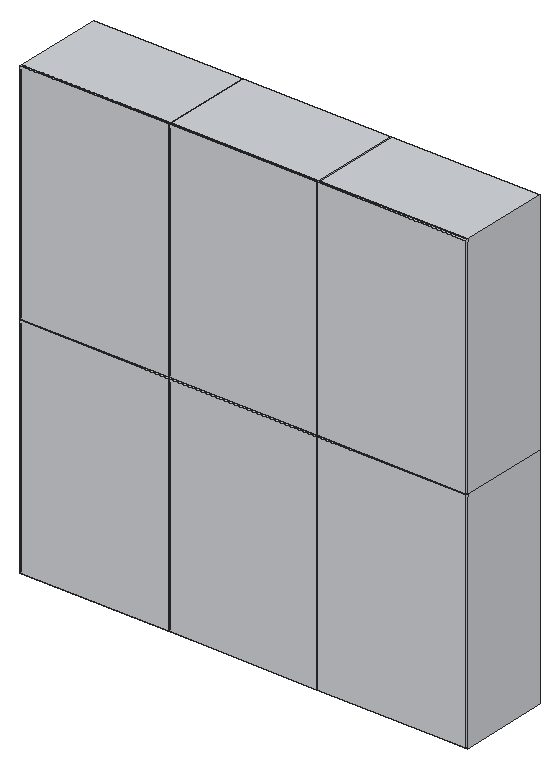
Revit family "LSN Configuration-E", category Electrical Equipment, host Face, Revit 2021 (continued)
Definition of nested family "LSN-1"
  Definition of nested family "Door"
    Lines and regions (in)
      model lines
        curve 473: line (-5.50396, -0.5, 41.43688) -> (-5.25396, -0.5, 41.43688)
        curve 474: line (-5.50396, -0.5, 38.43688) -> (-5.50396, -0.5, 41.43688)
        curve 475: line (-5.25396, -0.5, 38.43688) -> (-5.50396, -0.5, 38.43688)
        curve 476: line (-5.25396, -0.5, 41.43688) -> (-5.25396, -0.5, 38.43688)
        curve 477: line (-4.93764, -0.5, 41.43688) -> (-4.68764, -0.5, 41.43688)
        curve 478: line (-4.93764, -0.5, 38.43688) -> (-4.93764, -0.5, 41.43688)
        curve 479: line (-4.68764, -0.5, 38.43688) -> (-4.93764, -0.5, 38.43688)
        curve 480: line (-4.68764, -0.5, 41.43688) -> (-4.68764, -0.5, 38.43688)
        curve 481: line (-4.37131, -0.5, 41.43688) -> (-4.12131, -0.5, 41.43688)
        curve 482: line (-4.37131, -0.5, 38.43688) -> (-4.37131, -0.5, 41.43688)
        curve 483: line (-4.12131, -0.5, 38.43688) -> (-4.37131, -0.5, 38.43688)
        curve 484: line (-4.12131, -0.5, 41.43688) -> (-4.12131, -0.5, 38.43688)
        curve 485: line (-3.80498, -0.5, 41.43688) -> (-3.55498, -0.5, 41.43688)
        curve 486: line (-3.80498, -0.5, 38.43688) -> (-3.80498, -0.5, 41.43688)
        curve 487: line (-3.55498, -0.5, 38.43688) -> (-3.80498, -0.5, 38.43688)
        curve 488: line (-3.55498, -0.5, 41.43688) -> (-3.55498, -0.5, 38.43688)
        curve 489: line (-3.23866, -0.5, 41.43688) -> (-2.98866, -0.5, 41.43688)
        curve 490: line (-3.23866, -0.5, 38.43688) -> (-3.23866, -0.5, 41.43688)
        curve 491: line (-2.98866, -0.5, 38.43688) -> (-3.23866, -0.5, 38.43688)
        curve 492: line (-2.98866, -0.5, 41.43688) -> (-2.98866, -0.5, 38.43688)
        curve 493: line (-2.67233, -0.5, 41.43688) -> (-2.42233, -0.5, 41.43688)
        curve 494: line (-2.67233, -0.5, 38.43688) -> (-2.67233, -0.5, 41.43688)
        curve 495: line (-2.42233, -0.5, 38.43688) -> (-2.67233, -0.5, 38.43688)
        curve 496: line (-2.42233, -0.5, 41.43688) -> (-2.42233, -0.5, 38.43688)
        curve 497: line (-2.106, -0.5, 41.43688) -> (-1.856, -0.5, 41.43688)
        curve 498: line (-2.106, -0.5, 38.43688) -> (-2.106, -0.5, 41.43688)
        curve 499: line (-1.856, -0.5, 38.43688) -> (-2.106, -0.5, 38.43688)
        curve 500: line (-1.856, -0.5, 41.43688) -> (-1.856, -0.5, 38.43688)
        curve 501: line (-1.53968, -0.5, 41.43688) -> (-1.28968, -0.5, 41.43688)
        curve 502: line (-1.53968, -0.5, 38.43688) -> (-1.53968, -0.5, 41.43688)
        curve 503: line (-1.28968, -0.5, 38.43688) -> (-1.53968, -0.5, 38.43688)
        curve 504: line (-1.28968, -0.5, 41.43688) -> (-1.28968, -0.5, 38.43688)
        curve 505: line (-0.97335, -0.5, 41.43688) -> (-0.72335, -0.5, 41.43688)
        curve 506: line (-0.97335, -0.5, 38.43688) -> (-0.97335, -0.5, 41.43688)
        curve 507: line (-0.72335, -0.5, 38.43688) -> (-0.97335, -0.5, 38.43688)
        curve 508: line (-0.72335, -0.5, 41.43688) -> (-0.72335, -0.5, 38.43688)
        curve 509: line (-0.40702, -0.5, 41.43688) -> (-0.15702, -0.5, 41.43688)
        curve 510: line (-0.40702, -0.5, 38.43688) -> (-0.40702, -0.5, 41.43688)
        curve 511: line (-0.15702, -0.5, 38.43688) -> (-0.40702, -0.5, 38.43688)
        curve 512: line (-0.15702, -0.5, 41.43688) -> (-0.15702, -0.5, 38.43688)
        curve 513: line (0.1593, -0.5, 41.43688) -> (0.4093, -0.5, 41.43688)
        curve 514: line (0.1593, -0.5, 38.43688) -> (0.1593, -0.5, 41.43688)
        curve 515: line (0.4093, -0.5, 38.43688) -> (0.1593, -0.5, 38.43688)
        curve 516: line (0.4093, -0.5, 41.43688) -> (0.4093, -0.5, 38.43688)
        curve 517: line (0.72563, -0.5, 41.43688) -> (0.97563, -0.5, 41.43688)
        curve 518: line (0.72563, -0.5, 38.43688) -> (0.72563, -0.5, 41.43688)
        curve 519: line (0.97563, -0.5, 38.43688) -> (0.72563, -0.5, 38.43688)
        curve 520: line (0.97563, -0.5, 41.43688) -> (0.97563, -0.5, 38.43688)
        curve 521: line (1.29196, -0.5, 41.43688) -> (1.54196, -0.5, 41.43688)
        curve 522: line (1.29196, -0.5, 38.43688) -> (1.29196, -0.5, 41.43688)
        curve 523: line (1.54196, -0.5, 38.43688) -> (1.29196, -0.5, 38.43688)
        curve 524: line (1.54196, -0.5, 41.43688) -> (1.54196, -0.5, 38.43688)
        curve 525: line (1.85828, -0.5, 41.43688) -> (2.10828, -0.5, 41.43688)
        curve 526: line (1.85828, -0.5, 38.43688) -> (1.85828, -0.5, 41.43688)
        curve 527: line (2.10828, -0.5, 38.43688) -> (1.85828, -0.5, 38.43688)
        curve 528: line (2.10828, -0.5, 41.43688) -> (2.10828, -0.5, 38.43688)
        curve 529: line (2.42461, -0.5, 41.43688) -> (2.67461, -0.5, 41.43688)
        curve 530: line (2.42461, -0.5, 38.43688) -> (2.42461, -0.5, 41.43688)
        curve 531: line (2.67461, -0.5, 38.43688) -> (2.42461, -0.5, 38.43688)
        curve 532: line (2.67461, -0.5, 41.43688) -> (2.67461, -0.5, 38.43688)
        curve 533: line (2.99094, -0.5, 41.43688) -> (3.24094, -0.5, 41.43688)
        curve 534: line (2.99094, -0.5, 38.43688) -> (2.99094, -0.5, 41.43688)
        curve 535: line (3.24094, -0.5, 38.43688) -> (2.99094, -0.5, 38.43688)
        curve 536: line (3.24094, -0.5, 41.43688) -> (3.24094, -0.5, 38.43688)
        curve 537: line (3.55726, -0.5, 41.43688) -> (3.80726, -0.5, 41.43688)
        curve 538: line (3.55726, -0.5, 38.43688) -> (3.55726, -0.5, 41.43688)
        curve 539: line (3.80726, -0.5, 38.43688) -> (3.55726, -0.5, 38.43688)
        curve 540: line (3.80726, -0.5, 41.43688) -> (3.80726, -0.5, 38.43688)
        curve 541: line (4.12359, -0.5, 41.43688) -> (4.37359, -0.5, 41.43688)
        curve 542: line (4.12359, -0.5, 38.43688) -> (4.12359, -0.5, 41.43688)
        curve 543: line (4.37359, -0.5, 38.43688) -> (4.12359, -0.5, 38.43688)
        curve 544: line (4.37359, -0.5, 41.43688) -> (4.37359, -0.5, 38.43688)
        curve 545: line (4.68992, -0.5, 41.43688) -> (4.93992, -0.5, 41.43688)
        curve 546: line (4.68992, -0.5, 38.43688) -> (4.68992, -0.5, 41.43688)
        curve 547: line (4.93992, -0.5, 38.43688) -> (4.68992, -0.5, 38.43688)
        curve 548: line (4.93992, -0.5, 41.43688) -> (4.93992, -0.5, 38.43688)
        curve 549: line (5.25624, -0.5, 41.43688) -> (5.50624, -0.5, 41.43688)
        curve 550: line (5.25624, -0.5, 38.43688) -> (5.25624, -0.5, 41.43688)
        curve 551: line (5.50624, -0.5, 38.43688) -> (5.25624, -0.5, 38.43688)
        curve 552: line (5.50624, -0.5, 41.43688) -> (5.50624, -0.5, 38.43688)
        curve 553: line (5.82257, -0.5, 41.43688) -> (6.07257, -0.5, 41.43688)
        curve 554: line (5.82257, -0.5, 38.43688) -> (5.82257, -0.5, 41.43688)
        curve 555: line (6.07257, -0.5, 38.43688) -> (5.82257, -0.5, 38.43688)
        curve 556: line (6.07257, -0.5, 41.43688) -> (6.07257, -0.5, 38.43688)
        curve 557: line (6.3889, -0.5, 41.43688) -> (6.6389, -0.5, 41.43688)
        curve 558: line (6.3889, -0.5, 38.43688) -> (6.3889, -0.5, 41.43688)
        curve 559: line (6.6389, -0.5, 38.43688) -> (6.3889, -0.5, 38.43688)
        curve 560: line (6.6389, -0.5, 41.43688) -> (6.6389, -0.5, 38.43688)
        curve 561: line (6.95522, -0.5, 41.43688) -> (7.20522, -0.5, 41.43688)
        curve 562: line (6.95522, -0.5, 38.43688) -> (6.95522, -0.5, 41.43688)
        curve 563: line (7.20522, -0.5, 38.43688) -> (6.95522, -0.5, 38.43688)
        curve 564: line (7.20522, -0.5, 41.43688) -> (7.20522, -0.5, 38.43688)
        curve 565: line (7.52155, -0.5, 41.43688) -> (7.77155, -0.5, 41.43688)
        curve 566: line (7.52155, -0.5, 38.43688) -> (7.52155, -0.5, 41.43688)
        curve 567: line (7.77155, -0.5, 38.43688) -> (7.52155, -0.5, 38.43688)
        curve 568: line (7.77155, -0.5, 41.43688) -> (7.77155, -0.5, 38.43688)
        curve 569: line (8.08788, -0.5, 41.43688) -> (8.33788, -0.5, 41.43688)
        curve 570: line (8.08788, -0.5, 38.43688) -> (8.08788, -0.5, 41.43688)
        curve 571: line (8.33788, -0.5, 38.43688) -> (8.08788, -0.5, 38.43688)
        curve 572: line (8.33788, -0.5, 41.43688) -> (8.33788, -0.5, 38.43688)
        curve 573: line (8.6542, -0.5, 41.43688) -> (8.9042, -0.5, 41.43688)
        curve 574: line (8.6542, -0.5, 38.43688) -> (8.6542, -0.5, 41.43688)
        curve 575: line (8.9042, -0.5, 38.43688) -> (8.6542, -0.5, 38.43688)
        curve 576: line (8.9042, -0.5, 41.43688) -> (8.9042, -0.5, 38.43688)
        curve 577: line (9.22053, -0.5, 41.43688) -> (9.47053, -0.5, 41.43688)
        curve 578: line (9.22053, -0.5, 38.43688) -> (9.22053, -0.5, 41.43688)
        curve 579: line (9.47053, -0.5, 38.43688) -> (9.22053, -0.5, 38.43688)
        curve 580: line (9.47053, -0.5, 41.43688) -> (9.47053, -0.5, 38.43688)
        curve 581: line (9.78685, -0.5, 41.43688) -> (10.03685, -0.5, 41.43688)
        curve 582: line (9.78685, -0.5, 38.43688) -> (9.78685, -0.5, 41.43688)
        curve 583: line (10.03685, -0.5, 38.43688) -> (9.78685, -0.5, 38.43688)
        curve 584: line (10.03685, -0.5, 41.43688) -> (10.03685, -0.5, 38.43688)
        curve 585: line (10.35318, -0.5, 41.43688) -> (10.60318, -0.5, 41.43688)
        curve 586: line (10.35318, -0.5, 38.43688) -> (10.35318, -0.5, 41.43688)
        curve 587: line (10.60318, -0.5, 38.43688) -> (10.35318, -0.5, 38.43688)
        curve 588: line (10.60318, -0.5, 41.43688) -> (10.60318, -0.5, 38.43688)
        curve 589: line (10.91951, -0.5, 41.43688) -> (11.16951, -0.5, 41.43688)
        curve 590: line (10.91951, -0.5, 38.43688) -> (10.91951, -0.5, 41.43688)
        curve 591: line (11.16951, -0.5, 38.43688) -> (10.91951, -0.5, 38.43688)
        curve 592: line (11.16951, -0.5, 41.43688) -> (11.16951, -0.5, 38.43688)
        curve 593: line (11.48583, -0.5, 41.43688) -> (11.73583, -0.5, 41.43688)
        curve 594: line (11.48583, -0.5, 38.43688) -> (11.48583, -0.5, 41.43688)
        curve 595: line (11.73583, -0.5, 38.43688) -> (11.48583, -0.5, 38.43688)
        curve 596: line (11.73583, -0.5, 41.43688) -> (11.73583, -0.5, 38.43688)
        curve 597: line (12.05216, -0.5, 41.43688) -> (12.30216, -0.5, 41.43688)
        curve 598: line (12.05216, -0.5, 38.43688) -> (12.05216, -0.5, 41.43688)
        curve 599: line (12.30216, -0.5, 38.43688) -> (12.05216, -0.5, 38.43688)
        curve 600: line (12.30216, -0.5, 41.43688) -> (12.30216, -0.5, 38.43688)
        curve 601: line (12.61849, -0.5, 41.43688) -> (12.86849, -0.5, 41.43688)
        curve 602: line (12.61849, -0.5, 38.43688) -> (12.61849, -0.5, 41.43688)
        curve 603: line (12.86849, -0.5, 38.43688) -> (12.61849, -0.5, 38.43688)
        curve 604: line (12.86849, -0.5, 41.43688) -> (12.86849, -0.5, 38.43688)
        curve 605: line (13.18481, -0.5, 41.43688) -> (13.43481, -0.5, 41.43688)
        curve 606: line (13.18481, -0.5, 38.43688) -> (13.18481, -0.5, 41.43688)
        curve 607: line (13.43481, -0.5, 38.43688) -> (13.18481, -0.5, 38.43688)
        curve 608: line (13.43481, -0.5, 41.43688) -> (13.43481, -0.5, 38.43688)
        curve 609: line (-13.99886, -0.5, 44.81188) -> (-13.74886, -0.5, 44.81188)
        curve 610: line (-13.99886, -0.5, 41.81188) -> (-13.99886, -0.5, 44.81188)
        curve 611: line (-13.74886, -0.5, 41.81188) -> (-13.99886, -0.5, 41.81188)
        curve 612: line (-13.74886, -0.5, 44.81188) -> (-13.74886, -0.5, 41.81188)
        curve 613: line (13.75114, -0.5, 44.81188) -> (14.00114, -0.5, 44.81188)
        curve 614: line (13.75114, -0.5, 41.81188) -> (13.75114, -0.5, 44.81188)
        curve 615: line (14.00114, -0.5, 41.81188) -> (13.75114, -0.5, 41.81188)
        curve 616: line (14.00114, -0.5, 44.81188) -> (14.00114, -0.5, 41.81188)
        curve 617: line (-13.43253, -0.5, 44.81188) -> (-13.18253, -0.5, 44.81188)
        curve 618: line (-13.43253, -0.5, 41.81188) -> (-13.43253, -0.5, 44.81188)
        curve 619: line (-13.18253, -0.5, 41.81188) -> (-13.43253, -0.5, 41.81188)
        curve 620: line (-13.18253, -0.5, 44.81188) -> (-13.18253, -0.5, 41.81188)
        curve 621: line (-12.86621, -0.5, 44.81188) -> (-12.61621, -0.5, 44.81188)
        curve 622: line (-12.86621, -0.5, 41.81188) -> (-12.86621, -0.5, 44.81188)
        curve 623: line (-12.61621, -0.5, 41.81188) -> (-12.86621, -0.5, 41.81188)
        curve 624: line (-12.61621, -0.5, 44.81188) -> (-12.61621, -0.5, 41.81188)
        curve 625: line (-12.29988, -0.5, 44.81188) -> (-12.04988, -0.5, 44.81188)
        curve 626: line (-12.29988, -0.5, 41.81188) -> (-12.29988, -0.5, 44.81188)
        curve 627: line (-12.04988, -0.5, 41.81188) -> (-12.29988, -0.5, 41.81188)
        curve 628: line (-12.04988, -0.5, 44.81188) -> (-12.04988, -0.5, 41.81188)
        curve 629: line (-11.73355, -0.5, 44.81188) -> (-11.48355, -0.5, 44.81188)
        curve 630: line (-11.73355, -0.5, 41.81188) -> (-11.73355, -0.5, 44.81188)
        curve 631: line (-11.48355, -0.5, 41.81188) -> (-11.73355, -0.5, 41.81188)
        curve 632: line (-11.48355, -0.5, 44.81188) -> (-11.48355, -0.5, 41.81188)
        curve 633: line (-11.16723, -0.5, 44.81188) -> (-10.91723, -0.5, 44.81188)
        curve 634: line (-11.16723, -0.5, 41.81188) -> (-11.16723, -0.5, 44.81188)
        curve 635: line (-10.91723, -0.5, 41.81188) -> (-11.16723, -0.5, 41.81188)
        curve 636: line (-10.91723, -0.5, 44.81188) -> (-10.91723, -0.5, 41.81188)
        curve 637: line (-10.6009, -0.5, 44.81188) -> (-10.3509, -0.5, 44.81188)
        curve 638: line (-10.6009, -0.5, 41.81188) -> (-10.6009, -0.5, 44.81188)
        curve 639: line (-10.3509, -0.5, 41.81188) -> (-10.6009, -0.5, 41.81188)
        curve 640: line (-10.3509, -0.5, 44.81188) -> (-10.3509, -0.5, 41.81188)
        curve 641: line (-10.03457, -0.5, 44.81188) -> (-9.78457, -0.5, 44.81188)
        curve 642: line (-10.03457, -0.5, 41.81188) -> (-10.03457, -0.5, 44.81188)
        curve 643: line (-9.78457, -0.5, 41.81188) -> (-10.03457, -0.5, 41.81188)
        curve 644: line (-9.78457, -0.5, 44.81188) -> (-9.78457, -0.5, 41.81188)
        curve 645: line (-9.46825, -0.5, 44.81188) -> (-9.21825, -0.5, 44.81188)
        curve 646: line (-9.46825, -0.5, 41.81188) -> (-9.46825, -0.5, 44.81188)
        curve 647: line (-9.21825, -0.5, 41.81188) -> (-9.46825, -0.5, 41.81188)
        curve 648: line (-9.21825, -0.5, 44.81188) -> (-9.21825, -0.5, 41.81188)
        curve 649: line (-8.90192, -0.5, 44.81188) -> (-8.65192, -0.5, 44.81188)
        curve 650: line (-8.90192, -0.5, 41.81188) -> (-8.90192, -0.5, 44.81188)
        curve 651: line (-8.65192, -0.5, 41.81188) -> (-8.90192, -0.5, 41.81188)
        curve 652: line (-8.65192, -0.5, 44.81188) -> (-8.65192, -0.5, 41.81188)
        curve 653: line (-8.33559, -0.5, 44.81188) -> (-8.08559, -0.5, 44.81188)
        curve 654: line (-8.33559, -0.5, 41.81188) -> (-8.33559, -0.5, 44.81188)
        curve 655: line (-8.08559, -0.5, 41.81188) -> (-8.33559, -0.5, 41.81188)
        curve 656: line (-8.08559, -0.5, 44.81188) -> (-8.08559, -0.5, 41.81188)
        curve 657: line (-7.76927, -0.5, 44.81188) -> (-7.51927, -0.5, 44.81188)
        curve 658: line (-7.76927, -0.5, 41.81188) -> (-7.76927, -0.5, 44.81188)
        curve 659: line (-7.51927, -0.5, 41.81188) -> (-7.76927, -0.5, 41.81188)
        curve 660: line (-7.51927, -0.5, 44.81188) -> (-7.51927, -0.5, 41.81188)
        curve 661: line (-7.20294, -0.5, 44.81188) -> (-6.95294, -0.5, 44.81188)
        curve 662: line (-7.20294, -0.5, 41.81188) -> (-7.20294, -0.5, 44.81188)
        curve 663: line (-6.95294, -0.5, 41.81188) -> (-7.20294, -0.5, 41.81188)
        curve 664: line (-6.95294, -0.5, 44.81188) -> (-6.95294, -0.5, 41.81188)
        curve 665: line (-6.63661, -0.5, 44.81188) -> (-6.38661, -0.5, 44.81188)
        curve 666: line (-6.63661, -0.5, 41.81188) -> (-6.63661, -0.5, 44.81188)
        curve 667: line (-6.38661, -0.5, 41.81188) -> (-6.63661, -0.5, 41.81188)
        curve 668: line (-6.38661, -0.5, 44.81188) -> (-6.38661, -0.5, 41.81188)
        curve 669: line (-6.07029, -0.5, 44.81188) -> (-5.82029, -0.5, 44.81188)
        curve 670: line (-6.07029, -0.5, 41.81188) -> (-6.07029, -0.5, 44.81188)
        curve 671: line (-5.82029, -0.5, 41.81188) -> (-6.07029, -0.5, 41.81188)
        curve 672: line (-5.82029, -0.5, 44.81188) -> (-5.82029, -0.5, 41.81188)
        curve 673: line (-5.50396, -0.5, 44.81188) -> (-5.25396, -0.5, 44.81188)
        curve 674: line (-5.50396, -0.5, 41.81188) -> (-5.50396, -0.5, 44.81188)
        curve 675: line (-5.25396, -0.5, 41.81188) -> (-5.50396, -0.5, 41.81188)
        curve 676: line (-5.25396, -0.5, 44.81188) -> (-5.25396, -0.5, 41.81188)
        curve 677: line (-4.93764, -0.5, 44.81188) -> (-4.68764, -0.5, 44.81188)
        curve 678: line (-4.93764, -0.5, 41.81188) -> (-4.93764, -0.5, 44.81188)
        curve 679: line (-4.68764, -0.5, 41.81188) -> (-4.93764, -0.5, 41.81188)
        curve 680: line (-4.68764, -0.5, 44.81188) -> (-4.68764, -0.5, 41.81188)
        curve 681: line (-4.37131, -0.5, 44.81188) -> (-4.12131, -0.5, 44.81188)
        curve 682: line (-4.37131, -0.5, 41.81188) -> (-4.37131, -0.5, 44.81188)
        curve 683: line (-4.12131, -0.5, 41.81188) -> (-4.37131, -0.5, 41.81188)
        curve 684: line (-4.12131, -0.5, 44.81188) -> (-4.12131, -0.5, 41.81188)
        curve 685: line (-3.80498, -0.5, 44.81188) -> (-3.55498, -0.5, 44.81188)
        curve 686: line (-3.80498, -0.5, 41.81188) -> (-3.80498, -0.5, 44.81188)
        curve 687: line (-3.55498, -0.5, 41.81188) -> (-3.80498, -0.5, 41.81188)
        curve 688: line (-3.55498, -0.5, 44.81188) -> (-3.55498, -0.5, 41.81188)
        curve 689: line (-3.23866, -0.5, 44.81188) -> (-2.98866, -0.5, 44.81188)
        curve 690: line (-3.23866, -0.5, 41.81188) -> (-3.23866, -0.5, 44.81188)
        curve 691: line (-2.98866, -0.5, 41.81188) -> (-3.23866, -0.5, 41.81188)
        curve 692: line (-2.98866, -0.5, 44.81188) -> (-2.98866, -0.5, 41.81188)
        curve 693: line (-2.67233, -0.5, 44.81188) -> (-2.42233, -0.5, 44.81188)
        curve 694: line (-2.67233, -0.5, 41.81188) -> (-2.67233, -0.5, 44.81188)
        curve 695: line (-2.42233, -0.5, 41.81188) -> (-2.67233, -0.5, 41.81188)
        curve 696: line (-2.42233, -0.5, 44.81188) -> (-2.42233, -0.5, 41.81188)
        curve 697: line (-2.106, -0.5, 44.81188) -> (-1.856, -0.5, 44.81188)
        curve 698: line (-2.106, -0.5, 41.81188) -> (-2.106, -0.5, 44.81188)
        curve 699: line (-1.856, -0.5, 41.81188) -> (-2.106, -0.5, 41.81188)
        curve 700: line (-1.856, -0.5, 44.81188) -> (-1.856, -0.5, 41.81188)
        curve 701: line (-1.53968, -0.5, 44.81188) -> (-1.28968, -0.5, 44.81188)
        curve 702: line (-1.53968, -0.5, 41.81188) -> (-1.53968, -0.5, 44.81188)
        curve 703: line (-1.28968, -0.5, 41.81188) -> (-1.53968, -0.5, 41.81188)
        curve 704: line (-1.28968, -0.5, 44.81188) -> (-1.28968, -0.5, 41.81188)
        curve 705: line (-0.97335, -0.5, 44.81188) -> (-0.72335, -0.5, 44.81188)
        curve 706: line (-0.97335, -0.5, 41.81188) -> (-0.97335, -0.5, 44.81188)
        curve 707: line (-0.72335, -0.5, 41.81188) -> (-0.97335, -0.5, 41.81188)
        curve 708: line (-0.72335, -0.5, 44.81188) -> (-0.72335, -0.5, 41.81188)
        curve 709: line (-0.40702, -0.5, 44.81188) -> (-0.15702, -0.5, 44.81188)
        curve 710: line (-0.40702, -0.5, 41.81188) -> (-0.40702, -0.5, 44.81188)
        curve 711: line (-0.15702, -0.5, 41.81188) -> (-0.40702, -0.5, 41.81188)
        curve 712: line (-0.15702, -0.5, 44.81188) -> (-0.15702, -0.5, 41.81188)
        curve 713: line (0.1593, -0.5, 44.81188) -> (0.4093, -0.5, 44.81188)
        curve 714: line (0.1593, -0.5, 41.81188) -> (0.1593, -0.5, 44.81188)
        curve 715: line (0.4093, -0.5, 41.81188) -> (0.1593, -0.5, 41.81188)
        curve 716: line (0.4093, -0.5, 44.81188) -> (0.4093, -0.5, 41.81188)
        curve 717: line (0.72563, -0.5, 44.81188) -> (0.97563, -0.5, 44.81188)
        curve 718: line (0.72563, -0.5, 41.81188) -> (0.72563, -0.5, 44.81188)
        curve 719: line (0.97563, -0.5, 41.81188) -> (0.72563, -0.5, 41.81188)
        curve 720: line (0.97563, -0.5, 44.81188) -> (0.97563, -0.5, 41.81188)
        curve 721: line (1.29196, -0.5, 44.81188) -> (1.54196, -0.5, 44.81188)
        curve 722: line (1.29196, -0.5, 41.81188) -> (1.29196, -0.5, 44.81188)
        curve 723: line (1.54196, -0.5, 41.81188) -> (1.29196, -0.5, 41.81188)
        curve 724: line (1.54196, -0.5, 44.81188) -> (1.54196, -0.5, 41.81188)
        curve 725: line (1.85828, -0.5, 44.81188) -> (2.10828, -0.5, 44.81188)
        curve 726: line (1.85828, -0.5, 41.81188) -> (1.85828, -0.5, 44.81188)
        curve 727: line (2.10828, -0.5, 41.81188) -> (1.85828, -0.5, 41.81188)
        curve 728: line (2.10828, -0.5, 44.81188) -> (2.10828, -0.5, 41.81188)
        curve 729: line (2.42461, -0.5, 44.81188) -> (2.67461, -0.5, 44.81188)
        curve 730: line (2.42461, -0.5, 41.81188) -> (2.42461, -0.5, 44.81188)
        curve 731: line (2.67461, -0.5, 41.81188) -> (2.42461, -0.5, 41.81188)
        curve 732: line (2.67461, -0.5, 44.81188) -> (2.67461, -0.5, 41.81188)
        curve 733: line (2.99094, -0.5, 44.81188) -> (3.24094, -0.5, 44.81188)
        curve 734: line (2.99094, -0.5, 41.81188) -> (2.99094, -0.5, 44.81188)
        curve 735: line (3.24094, -0.5, 41.81188) -> (2.99094, -0.5, 41.81188)
        curve 736: line (3.24094, -0.5, 44.81188) -> (3.24094, -0.5, 41.81188)
        curve 737: line (3.55726, -0.5, 44.81188) -> (3.80726, -0.5, 44.81188)
        curve 738: line (3.55726, -0.5, 41.81188) -> (3.55726, -0.5, 44.81188)
        curve 739: line (3.80726, -0.5, 41.81188) -> (3.55726, -0.5, 41.81188)
        curve 740: line (3.80726, -0.5, 44.81188) -> (3.80726, -0.5, 41.81188)
        curve 741: line (4.12359, -0.5, 44.81188) -> (4.37359, -0.5, 44.81188)
        curve 742: line (4.12359, -0.5, 41.81188) -> (4.12359, -0.5, 44.81188)
        curve 743: line (4.37359, -0.5, 41.81188) -> (4.12359, -0.5, 41.81188)
        curve 744: line (4.37359, -0.5, 44.81188) -> (4.37359, -0.5, 41.81188)
        curve 745: line (4.68992, -0.5, 44.81188) -> (4.93992, -0.5, 44.81188)
        curve 746: line (4.68992, -0.5, 41.81188) -> (4.68992, -0.5, 44.81188)
        curve 747: line (4.93992, -0.5, 41.81188) -> (4.68992, -0.5, 41.81188)
        curve 748: line (4.93992, -0.5, 44.81188) -> (4.93992, -0.5, 41.81188)
        curve 749: line (5.25624, -0.5, 44.81188) -> (5.50624, -0.5, 44.81188)
        curve 750: line (5.25624, -0.5, 41.81188) -> (5.25624, -0.5, 44.81188)
        curve 751: line (5.50624, -0.5, 41.81188) -> (5.25624, -0.5, 41.81188)
        curve 752: line (5.50624, -0.5, 44.81188) -> (5.50624, -0.5, 41.81188)
        curve 753: line (5.82257, -0.5, 44.81188) -> (6.07257, -0.5, 44.81188)
        curve 754: line (5.82257, -0.5, 41.81188) -> (5.82257, -0.5, 44.81188)
        curve 755: line (6.07257, -0.5, 41.81188) -> (5.82257, -0.5, 41.81188)
        curve 756: line (6.07257, -0.5, 44.81188) -> (6.07257, -0.5, 41.81188)
        curve 757: line (6.3889, -0.5, 44.81188) -> (6.6389, -0.5, 44.81188)
        curve 758: line (6.3889, -0.5, 41.81188) -> (6.3889, -0.5, 44.81188)
        curve 759: line (6.6389, -0.5, 41.81188) -> (6.3889, -0.5, 41.81188)
        curve 760: line (6.6389, -0.5, 44.81188) -> (6.6389, -0.5, 41.81188)
        curve 761: line (6.95522, -0.5, 44.81188) -> (7.20522, -0.5, 44.81188)
        curve 762: line (6.95522, -0.5, 41.81188) -> (6.95522, -0.5, 44.81188)
        curve 763: line (7.20522, -0.5, 41.81188) -> (6.95522, -0.5, 41.81188)
        curve 764: line (7.20522, -0.5, 44.81188) -> (7.20522, -0.5, 41.81188)
        curve 765: line (7.52155, -0.5, 44.81188) -> (7.77155, -0.5, 44.81188)
        curve 766: line (7.52155, -0.5, 41.81188) -> (7.52155, -0.5, 44.81188)
        curve 767: line (7.77155, -0.5, 41.81188) -> (7.52155, -0.5, 41.81188)
        curve 768: line (7.77155, -0.5, 44.81188) -> (7.77155, -0.5, 41.81188)
        curve 769: line (8.08788, -0.5, 44.81188) -> (8.33788, -0.5, 44.81188)
        curve 770: line (8.08788, -0.5, 41.81188) -> (8.08788, -0.5, 44.81188)
        curve 771: line (8.33788, -0.5, 41.81188) -> (8.08788, -0.5, 41.81188)
        curve 772: line (8.33788, -0.5, 44.81188) -> (8.33788, -0.5, 41.81188)
        curve 773: line (8.6542, -0.5, 44.81188) -> (8.9042, -0.5, 44.81188)
        curve 774: line (8.6542, -0.5, 41.81188) -> (8.6542, -0.5, 44.81188)
        curve 775: line (8.9042, -0.5, 41.81188) -> (8.6542, -0.5, 41.81188)
        curve 776: line (8.9042, -0.5, 44.81188) -> (8.9042, -0.5, 41.81188)
        curve 777: line (9.22053, -0.5, 44.81188) -> (9.47053, -0.5, 44.81188)
        curve 778: line (9.22053, -0.5, 41.81188) -> (9.22053, -0.5, 44.81188)
        curve 779: line (9.47053, -0.5, 41.81188) -> (9.22053, -0.5, 41.81188)
        curve 780: line (9.47053, -0.5, 44.81188) -> (9.47053, -0.5, 41.81188)
        curve 781: line (9.78685, -0.5, 44.81188) -> (10.03685, -0.5, 44.81188)
        curve 782: line (9.78685, -0.5, 41.81188) -> (9.78685, -0.5, 44.81188)
        curve 783: line (10.03685, -0.5, 41.81188) -> (9.78685, -0.5, 41.81188)
        curve 784: line (10.03685, -0.5, 44.81188) -> (10.03685, -0.5, 41.81188)
        curve 785: line (10.35318, -0.5, 44.81188) -> (10.60318, -0.5, 44.81188)
        curve 786: line (10.35318, -0.5, 41.81188) -> (10.35318, -0.5, 44.81188)
        curve 787: line (10.60318, -0.5, 41.81188) -> (10.35318, -0.5, 41.81188)
        curve 788: line (10.60318, -0.5, 44.81188) -> (10.60318, -0.5, 41.81188)
        curve 789: line (10.91951, -0.5, 44.81188) -> (11.16951, -0.5, 44.81188)
        curve 790: line (10.91951, -0.5, 41.81188) -> (10.91951, -0.5, 44.81188)
        curve 791: line (11.16951, -0.5, 41.81188) -> (10.91951, -0.5, 41.81188)
        curve 792: line (11.16951, -0.5, 44.81188) -> (11.16951, -0.5, 41.81188)
        curve 793: line (11.48583, -0.5, 44.81188) -> (11.73583, -0.5, 44.81188)
        curve 794: line (11.48583, -0.5, 41.81188) -> (11.48583, -0.5, 44.81188)
        curve 795: line (11.73583, -0.5, 41.81188) -> (11.48583, -0.5, 41.81188)
        curve 796: line (11.73583, -0.5, 44.81188) -> (11.73583, -0.5, 41.81188)
        curve 797: line (12.05216, -0.5, 44.81188) -> (12.30216, -0.5, 44.81188)
        curve 798: line (12.05216, -0.5, 41.81188) -> (12.05216, -0.5, 44.81188)
        curve 799: line (12.30216, -0.5, 41.81188) -> (12.05216, -0.5, 41.81188)
        curve 800: line (12.30216, -0.5, 44.81188) -> (12.30216, -0.5, 41.81188)
        curve 801: line (12.61849, -0.5, 44.81188) -> (12.86849, -0.5, 44.81188)
        curve 802: line (12.61849, -0.5, 41.81188) -> (12.61849, -0.5, 44.81188)
        curve 803: line (12.86849, -0.5, 41.81188) -> (12.61849, -0.5, 41.81188)
        curve 804: line (12.86849, -0.5, 44.81188) -> (12.86849, -0.5, 41.81188)
        curve 805: line (13.18481, -0.5, 44.81188) -> (13.43481, -0.5, 44.81188)
        curve 806: line (13.18481, -0.5, 41.81188) -> (13.18481, -0.5, 44.81188)
        curve 807: line (13.43481, -0.5, 41.81188) -> (13.18481, -0.5, 41.81188)
        curve 808: line (13.43481, -0.5, 44.81188) -> (13.43481, -0.5, 41.81188)
    Dimensions and locks (in)
      equal spacing: plane 5, plane 3 "Center (Left/Right)", plane 4
      "Length": plane 5 to plane 4
      plane 1 "Center (Front/Back)" to plane 6 = 0.50"
      plane 7 to plane 6 = 0.10"
      "Height": plane 8 to level
      plane 8 to plane 10 = 0.50"
      plane 1 "Center (Front/Back)" to Extrusion 2 = 0.40"
      locked: plane 4 to plane 12 at 0.2
      locked: plane 11 to plane 5 at 0.2
      locked: plane 13 to plane 2 at 0.29688
      equal spacing: group 2, group 4, group 5, group 6, group 7, group 8, group 9, group 10, group 11, group 12, group 13, group 14, group 15, group 16, group 17, group 18, group 19, group 20, group 21, group 22, group 23, group 24, group 25, group 26, group 27, group 28, group 29, group 30, group 31, group 32, group 33, group 34, group 35, group 36, group 37, group 38, group 39, group 40, group 41, group 42, group 43, group 44, group 45, group 46, group 47, group 48, group 49, group 50, group 51, group 3  (x3)
      aligned and locked: plane 2 to level
      aligned and locked: Extrusion 1 sketch curve to plane 8
      aligned and locked: Extrusion 1 sketch curve to plane 6
      aligned and locked: plane 7 to Extrusion 1 sketch curve
      aligned and locked: plane 1 "Center (Front/Back)" to Extrusion 1 sketch curve
      aligned and locked: Extrusion 1 to plane 10
      aligned and locked: plane 9 to Extrusion 1
      aligned and locked: Extrusion 1 to plane 5
      aligned and locked: plane 4 to Extrusion 1
      aligned and locked: Extrusion 2 sketch curve to plane 11
      aligned and locked: plane 1 "Center (Front/Back)" to Extrusion 2 sketch curve
      aligned and locked: Extrusion 2 sketch curve to plane 12
      aligned and locked: plane 10 to Extrusion 2
      aligned and locked: Extrusion 2 to plane 9
      aligned and locked: Extrusion 2 sketch curve to plane 7  (x2)
    Automatic sketch dimensions
      curve 1 to plane 5 = 0.00"
      plane 6 to curve 2 = 0.00"
      plane 4 to curve 2 = 3.75"
      curve 1 to curve 1 = 1.75"
      Extrusion 3 sketch curve to Extrusion 3 sketch curve = 0.25"
      Extrusion 3 sketch curve to Extrusion 3 sketch curve = 3.00"
      Extrusion 1 sketch curve to plane 1 "Center (Front/Back)" = 0.00"
      Extrusion 1 sketch curve to plane 9 = 0.00"
      Extrusion 1 sketch curve to plane 10 = 0.00"
      curve 3 to curve 5 = 7.50"
      curve 7 to curve 3 = 4.46342"
      curve 6 to curve 4 = 1.26497"
      curve 4 to curve 6 = 13.50"
      Extrusion 2 sketch curve to plane 5 = 0.00"
      Extrusion 2 sketch curve to plane 4 = 0.00"
      plane 1 "Center (Front/Back)" to Extrusion 2 sketch curve = 0.00"
      curve 6 to plane 3 "Center (Left/Right)" = 0.00"
      plane 11 to curve 7 = 1.96352"
      curve 7 to plane 10 = 21.11695"
      plane 12 to curve 3 = 1.30"
      level to Extrusion 1 sketch curve = 0.29688"
      radius of curve 6 = 0.50"
      radius of curve 7 = 0.50"
